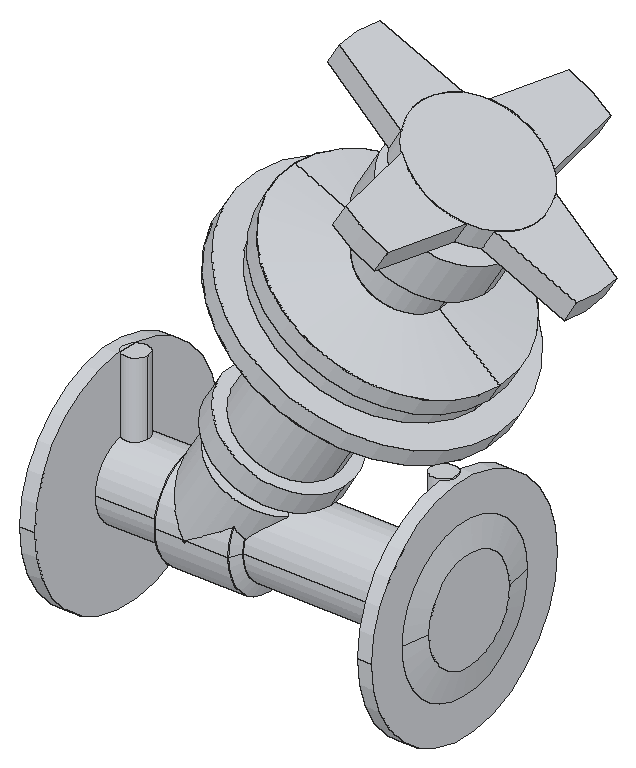
Revit family "224_DN065_20-70_RFA_2018", category Pipe Accessories, Revit 2018
Family settings
  Round Connector Dimension = Use Diameter
  Part Type = Valve - Breaks Into
  Work Plane-Based = No
  Always vertical = Yes
  Cut with Voids When Loaded = No
  Shared = No
Parameters (values of type "224_DN065_(20-70)")
  magiProductId = "bd269db4002540fe9b2a41f205afd7"
  magiProductFamilyId = "cb96b53648234cefb8c956722b95ac"
  magiPartTypeId = 304
  isMeasuringValve [instance] = no
  ang2D [instance] = 0.00°
  Z8 = 22.974 mm
  Z7 = 7.658 mm
  Z6 = 95.726 mm
  Z4 = 38.29 mm
  Z3 = 15.316 mm
  Z2 = 19.145 mm
  Z1 = 57.436 mm
  Y9 = 112.022 mm
  Y8 = 43.927 mm
  X9 = 19.752 mm
  X8 = 30.758 mm
  X5 = 139.89 mm
  X4 = 59.15 mm
  X1 = 11.6 mm
  W2D = 100 mm
  VersionID = "2.0/2018.4.11.4/ZETKAMA_224_001"
  Use Minimum Symbol Size [instance] = yes
  URL = "www.hydronic.cz"
  Type Comments = "přírubový ventil, PN16; -10~+120°C; dpmin=1,5xdpnast;"
  R8 = 53.625 mm
  R7 = 35.75 mm
  R6 = 96.688 mm
  R5 = 92.5 mm
  R4 = 113.75 mm
  R3 = 33.8 mm
  R2 = 63 mm
  R12 = 42.75 mm
  R10 = 40.5 mm
  QmdConnectorList = "301;D;302;D"
  Productdata [instance] = ""
  Manufacturer = "Hydronic Systems Prague s.r.o."
  Maintenance Zone Under Depth [instance] = 385 mm
  Maintenance Zone Right Depth [instance] = 290 mm
  Maintenance Zone Over Depth [instance] = 385 mm
  Maintenance Zone Left Depth [instance] = 290 mm
  Maintenance Zone Front Depth [instance] = 273 mm
  Maintenance Zone Back Depth [instance] = 273 mm
  Maintenance Zone Front Visibility [instance] = no
  MC Product Code = "224 065 3 (DN65; dpnast 20-70kPa; dpmax=300kPa; kvs=48,4kPa)"
  MC Piping Given Pressure Drop [instance] = 0.0 Pa
  LT2 = 145 mm
  L3 = 51.76 mm
  L2D_Min = 3048 mm
  L2D = 350 mm
  H5 = 60 mm
  FDT2 = 92.5 mm
  Description = "Regulátor diferenčního tlaku přírubový"
  DT21 = 32.5 mm
  DT2 = 32.5 mm
  D6 = 52.812 mm
  D5 = 42.25 mm
  D = 65 mm
  Clearance Zone Height Depth [instance] = 385 mm
  Clearance Zone Circular Radius [instance] = 290 mm
  Clearance Zone Visibility [instance] = no
  CAT0 = yes
  ARC2 = 1.728 mm
  ARC1 = 9.698 mm
  ANG = 32.00°
  A2 = 26.893 mm
  A1 = 43.038 mm
Types (10, lengths in mm): name | magiProductId | Z8 | Z7 | Z6 | Z4 | Z3 | Z2 | Z1 | X5 | X4 | X1 | R5 | R3 | R2 | R10 | Maintenance Zone Under Depth | Maintenance Zone Right Depth | Maintenance Zone Over Depth | Maintenance Zone Left Depth | MC Product Code | LT2 | L3 | H5 | FDT2 | DT21 | DT2 | D6 | D5 | D | Clearance Zone Height Depth | Clearance Zone Circular Radius | A2 | A1
  224_DN100_(40-160) | "71f9e553003c40d991c5e352e67284" | 24.389 | 8.13 | 101.622 | 40.649 | 16.26 | 20.324 | 60.973 | 152.2 | 91 | 14 | 110 | 52 | 80.5 | 58 | 405 | 350 | 405 | 350 | "224 100 7 (DN100; dpnast 40-160kPa; dpmax=250kPa; kvs=110,0kPa)" | 175 | 62.8 | 60 | 110 | 50 | 50 | 81.25 | 65 | 100 | 405 | 350 | 32.458 | 51.943
  224_DN100_(20-70) | "5e4de33176c64976a9c157b39996ce" | 24.389 | 8.13 | 101.622 | 40.649 | 16.26 | 20.324 | 60.973 | 152.2 | 91 | 14 | 110 | 52 | 80.5 | 58 | 405 | 350 | 405 | 350 | "224 100 3 (DN100; dpnast 20-70kPa; dpmax=250kPa; kvs=110,0kPa)" | 175 | 62.8 | 60 | 110 | 50 | 50 | 81.25 | 65 | 100 | 405 | 350 | 32.458 | 51.943
  224_DN125_(40-160) | "9beb69b667494b6ab1f54942078ae6" | 25.804 | 8.601 | 107.518 | 43.007 | 17.203 | 21.504 | 64.511 | 166.25 | 113.75 | 16 | 125 | 65 | 95.5 | 71 | 425 | 400 | 425 | 400 | "224 125 7 (DN125; dpnast 40-160kPa; dpmax=250kPa; kvs=169,0kPa)" | 200 | 72 | 62.5 | 125 | 62.5 | 62.5 | 101.562 | 81.25 | 125 | 425 | 400 | 37.094 | 59.363
  224_DN125_(20-70) | "2c85edc695ca465cb63b6911085491" | 25.804 | 8.601 | 107.518 | 43.007 | 17.203 | 21.504 | 64.511 | 166.25 | 113.75 | 16 | 125 | 65 | 95.5 | 71 | 425 | 400 | 425 | 400 | "224 125 3 (DN125; dpnast 20-70kPa; dpmax=250kPa; kvs=169,0kPa)" | 200 | 72 | 62.5 | 125 | 62.5 | 62.5 | 101.562 | 81.25 | 125 | 425 | 400 | 37.094 | 59.363
  224_DN150_(40-160) | "96017eba5eec4de2abe05c4d8dc7d1" | 26.866 | 8.955 | 89.552 | 44.776 | 17.91 | 22.388 | 89.552 | 223.38 | 115.5 | 19.2 | 142.5 | 70.2 | 108.5 | 84 | 440 | 480 | 440 | 480 | "224 150 7 (DN150; dpnast 40-160kPa; dpmax=250kPa; kvs=200,0kPa)" | 240 | 86.72 | 67.5 | 142.5 | 67.5 | 75 | 90.75 | 82.5 | 150 | 440 | 480 | 44.513 | 71.236
  224_DN150_(20-70) | "2dcf3707ec5549d494f72875a03dce" | 26.866 | 8.955 | 89.552 | 44.776 | 17.91 | 22.388 | 89.552 | 223.38 | 115.5 | 19.2 | 142.5 | 70.2 | 108.5 | 84 | 440 | 480 | 440 | 480 | "224 150 3 (DN150; dpnast 20-70kPa; dpmax=250kPa; kvs=200,0kPa)" | 240 | 86.72 | 67.5 | 142.5 | 67.5 | 75 | 90.75 | 82.5 | 150 | 440 | 480 | 44.513 | 71.236
  224_DN065_(40-160) | "7a3227ed888c4b0d8669ae9eb0085d" | 22.974 | 7.658 | 95.726 | 38.29 | 15.316 | 19.145 | 57.436 | 139.89 | 59.15 | 11.6 | 92.5 | 33.8 | 63 | 40.5 | 385 | 290 | 385 | 290 | "224 065 7 (DN65; dpnast 40-160kPa; dpmax=300kPa; kvs=48,4kPa)" | 145 | 51.76 | 60 | 92.5 | 32.5 | 32.5 | 52.812 | 42.25 | 65 | 385 | 290 | 26.893 | 43.038
  224_DN065_(20-70) | "bd269db4002540fe9b2a41f205afd7" | 22.974 | 7.658 | 95.726 | 38.29 | 15.316 | 19.145 | 57.436 | 139.89 | 59.15 | 11.6 | 92.5 | 33.8 | 63 | 40.5 | 385 | 290 | 385 | 290 | "224 065 3 (DN65; dpnast 20-70kPa; dpmax=300kPa; kvs=48,4kPa)" | 145 | 51.76 | 60 | 92.5 | 32.5 | 32.5 | 52.812 | 42.25 | 65 | 385 | 290 | 26.893 | 43.038
  224_DN080_(40-160) | "20b45c03d3cb49e9a44f946d5e2c2d" | 23.328 | 7.776 | 97.2 | 38.88 | 15.552 | 19.44 | 58.32 | 140.96 | 72.8 | 12.4 | 100 | 41.6 | 70.5 | 48 | 390 | 310 | 390 | 310 | "224 080 7 (DN80; dpnast 40-160kPa; dpmax=300kPa; kvs=74,5kPa)" | 155 | 55.44 | 60 | 100 | 40 | 40 | 65 | 52 | 80 | 390 | 310 | 28.748 | 46.007
  224_DN080_(20-70) | "2f63645f7c5342ecbadd0051fa47f2" | 23.328 | 7.776 | 97.2 | 38.88 | 15.552 | 19.44 | 58.32 | 140.96 | 72.8 | 12.4 | 100 | 41.6 | 70.5 | 48 | 390 | 310 | 390 | 310 | "224 080 3 (DN80; dpnast 20-70kPa; dpmax=300kPa; kvs=74,5kPa)" | 155 | 55.44 | 60 | 100 | 40 | 40 | 65 | 52 | 80 | 390 | 310 | 28.748 | 46.007
Reference planes
  plane 1 "Center (Front/Back)": y = 0
  plane 2 "XYPLANE": z = 0
  plane 3 "Center (Left/Right)": x = 0
  plane 4 "274": z = -385
  plane 5 "273": z = 385
  plane 6 "272": x = -290
  plane 7 "271": x = 290
  plane 8 "270": y = 273
  plane 9 "269": y = -273
  plane 10 "202": x = 124.4
  plane 11 "201": z = 32.5
  plane 12 "199": x = -122.4
  plane 13 "196": x = -10.49
  plane 14 "195": x = -14.49
  plane 15 "186": x = -73.64
  plane 16 "185": x = -77.64
  plane 17 "157": through (-528.542, 0, 569.466) normal (0.5299, 0, 0.848)
  plane 18 "123": y = -19.752
  plane 19 "122": y = -30.758
  plane 20 "120": y = 19.752
  plane 21 "119": y = 30.758
  plane 22 "118": through (265.941, 0, 718.206) normal (0.848, 0, -0.5299)
  plane 23 "117": through (398.193, 0, 635.565) normal (0.848, 0, -0.5299)
  plane 24 "116": through (455.941, 0, 599.48) normal (0.848, 0, -0.5299)
  plane 25 "115": through (323.689, 0, 682.121) normal (0.848, 0, -0.5299)
  plane 26 "113": y = -43.927
  plane 27 "112": y = -112.022
  plane 28 "110": through (387.025, 0, 642.544) normal (0.848, 0, -0.5299)
  plane 29 "108": through (344.19, 0, 669.31) normal (0.848, 0, -0.5299)
  plane 30 "107": through (334.856, 0, 675.142) normal (0.848, 0, -0.5299)
  plane 31 "106": through (377.692, 0, 648.376) normal (0.848, 0, -0.5299)
  plane 32 "105": y = 112.022
  plane 33 "104": y = 43.927
  plane 34 "99": through (-457.524, 0, 683.118) normal (0.5299, 0, 0.848)
  plane 35 "96": through (-467.67, 0, 666.882) normal (0.5299, 0, 0.848)
  plane 36 "91": through (-487.961, 0, 634.41) normal (0.5299, 0, 0.848)
  plane 37 "87": through (-508.251, 0, 601.938) normal (0.5299, 0, 0.848)
  plane 38 "84": through (-512.31, 0, 595.443) normal (0.5299, 0, 0.848)
  plane 39 "82": through (-520.426, 0, 582.454) normal (0.5299, 0, 0.848)
  plane 40 "75": through (-536.659, 0, 556.477) normal (0.5299, 0, 0.848)
  plane 41 "74": through (-548.833, 0, 536.993) normal (0.5299, 0, 0.848)
  plane 42 "41": through (-599.56, 0, 455.813) normal (0.5299, 0, 0.848)
  plane 43 "37": through (-609.706, 0, 439.577) normal (0.5299, 0, 0.848)
  plane 44 "34": through (-619.851, 0, 423.341) normal (0.5299, 0, 0.848)
  plane 45 "30": through (-650.287, 0, 374.633) normal (0.5299, 0, 0.848)
  plane 46 "28": y = 0
  plane 47 "27": through (360.941, 0, 658.843) normal (0.848, 0, -0.5299)
  plane 48 "24": x = 141
  plane 49 "23": x = 129.4
  plane 50 "15": x = -129.4
  plane 51 "11": x = -141
  plane 52 "6": x = 145
  plane 53 "5": x = -145
  plane 54 "3": z = 0
  plane 55 "2": y = 0
  plane 56 "1": x = 0
  plane 57 "25XY": through (-636.036, 0, 397.439) normal (0.5299, 0, 0.848)
  plane 58 "25XZ": y = 0
  plane 59 "25YZ": through (397.439, 0, 636.036) normal (0.848, 0, -0.5299)
Forms (mm)
  Blend 1, solid, visible <- "CAT0"
    base sketch origin (-548.833, 0, 536.993) x (0.848048, 0, -0.529919) y (0, 1, 0)
      loop
        circle (706.962, 0) r 42.75
    top sketch origin (-548.833, 0, 536.993) x (0.848048, 0, -0.529919) y (0, 1, 0)
      loop
        circle (706.962, 0) r 113.75
    from 0 to 22.974
  Blend 2, solid, visible <- "Maintenance Zone Front Visibility"
    base sketch origin (-750, 0, 385) x (1, 0, 0) y (0, 1, 0)
      loop
        line (460, 273) -> (460, -273) -> (1040, -273) -> (1040, 273) -> (460, 273)
    top sketch origin (-750, 0, 385) x (1, 0, 0) y (0, 1, 0)
      loop
        line (460, 273) -> (460, -273) -> (1040, -273) -> (1040, 273) -> (460, 273)
    from 0 to -770
  Extrusion 3, solid, visible <- "Clearance Zone Visibility"
    sketch origin (-750, 0, 0) x (1, 0, 0) y (0, 1, 0)
      loop
        circle (750, 0) r 290
    from 0 to 385 <- "Clearance Zone Height Depth"
  Extrusion 4, solid, visible <- "CAT0"
    sketch origin (-599.56, 0, 455.813) x (0.848048, 0, -0.529919) y (0, 1, 0)
      loop
        circle (706.962, 0) r 42.75
    from 0 to 95.726 <- "Z6"
  Extrusion 5, solid
    sketch origin (-750, 0, 32.5) x (1, 0, 0) y (0, 1, 0)
      loop
        circle (874.4, 0) r 10
    from 0 to 60 <- "H5"
  Extrusion 6, solid
    sketch origin (-750, 0, 32.5) x (1, 0, 0) y (0, 1, 0)
      loop
        circle (627.6, 0) r 10
    from 0 to 60 <- "H5"
  Extrusion 7, solid
    sketch origin (-10.49, -750, 0) x (0, 1, 0) y (0, 0, 1)
      loop
        circle (750, 0) r 32.5
    from 0 to 139.89 <- "X5"
  Blend 8, solid
    base sketch origin (-10.49, -750, 0) x (0, 1, 0) y (0, 0, 1)
      loop
        circle (750, 0) r 32.5
    top sketch origin (-10.49, -750, 0) x (0, 1, 0) y (0, 0, 1)
      loop
        circle (750, 0) r 42.25
    from 0 to -4
  Extrusion 9, solid
    sketch origin (-73.64, -750, 0) x (0, 1, 0) y (0, 0, 1)
      loop
        circle (750, 0) r 42.25
    from 0 to 59.15 <- "X4"
  Blend 10, solid
    base sketch origin (-77.64, -750, 0) x (0, 1, 0) y (0, 0, 1)
      loop
        circle (750, 0) r 32.5
    top sketch origin (-77.64, -750, 0) x (0, 1, 0) y (0, 0, 1)
      loop
        circle (750, 0) r 42.25
    from 0 to 4
  Extrusion 11, solid
    sketch origin (-650.287, 0, 374.633) x (0.848048, 0, -0.529919) y (0, 1, 0)
      loop
        circle (706.962, 0) r 42.25
    from 0 to 57.436 <- "Z1"
  Extrusion 12, solid
    sketch origin (-536.659, 0, 556.477) x (0.848048, 0, -0.529919) y (0, 1, 0)
      loop
        circle (706.962, 0) r 113.75
    from 0 to 15.316 <- "Z3"
  Extrusion 13, solid
    sketch origin (-457.524, 0, 683.118) x (0.848048, 0, -0.529919) y (0, 1, 0)
      loop
        line (750.889, -30.758) -> (818.983, -19.752)
        arc (818.983, -19.752) -> (820.712, 0) -> (818.983, 19.752) r 113.75
        line (818.983, 19.752) -> (750.889, 30.758)
        arc (750.889, 30.758) -> (760.587, 0) -> (750.889, -30.758) r 53.625
    from 0 to 19.145 <- "Z2"
  Extrusion 14, solid
    sketch origin (-457.524, 0, 683.118) x (0.848048, 0, -0.529919) y (0, 1, 0)
      loop
        line (663.035, 30.758) -> (594.94, 19.752)
        arc (594.94, 19.752) -> (593.212, 0) -> (594.94, -19.752) r 113.75
        line (594.94, -19.752) -> (663.035, -30.758)
        arc (663.035, -30.758) -> (653.337, 0) -> (663.035, 30.758) r 53.625
    from 0 to 19.145 <- "Z2"
  Extrusion 15, solid
    sketch origin (-457.524, 0, 683.118) x (0.848048, 0, -0.529919) y (0, 1, 0)
      loop
        line (676.204, -43.927) -> (687.209, -112.022)
        arc (687.209, -112.022) -> (706.962, -113.75) -> (726.714, -112.022) r 113.75
        line (726.714, -112.022) -> (737.72, -43.927)
        arc (737.72, -43.927) -> (706.962, -53.625) -> (676.204, -43.927) r 53.625
    from 0 to 19.145 <- "Z2"
  Extrusion 16, solid
    sketch origin (-457.524, 0, 683.118) x (0.848048, 0, -0.529919) y (0, 1, 0)
      loop
        line (737.72, 43.927) -> (726.714, 112.022)
        arc (726.714, 112.022) -> (706.962, 113.75) -> (687.209, 112.022) r 113.75
        line (687.209, 112.022) -> (676.204, 43.927)
        arc (676.204, 43.927) -> (706.962, 53.625) -> (737.72, 43.927) r 53.625
    from 0 to 19.145 <- "Z2"
  Extrusion 17, solid
    sketch origin (-457.524, 0, 683.118) x (0.848048, 0, -0.529919) y (0, 1, 0)
      loop
        circle (706.962, 0) r 53.625
    from 0 to 19.145 <- "Z2"
  Extrusion 18, solid
    sketch origin (-467.67, 0, 666.882) x (0.848048, 0, -0.529919) y (0, 1, 0)
      loop
        circle (706.962, 0) r 35.75
    from 0 to 19.145 <- "Z2"
  Extrusion 19, solid
    sketch origin (-487.961, 0, 634.41) x (0.848048, 0, -0.529919) y (0, 1, 0)
      loop
        circle (706.962, 0) r 53.625
    from 0 to 38.29 <- "Z4"
  Extrusion 20, solid
    sketch origin (-508.251, 0, 601.938) x (0.848048, 0, -0.529919) y (0, 1, 0)
      loop
        circle (706.962, 0) r 35.75
    from 0 to 38.29 <- "Z4"
  Blend 21, solid
    base sketch origin (-512.31, 0, 595.443) x (0.848048, 0, -0.529919) y (0, 1, 0)
      loop
        circle (706.962, 0) r 96.688
    top sketch origin (-512.31, 0, 595.443) x (0.848048, 0, -0.529919) y (0, 1, 0)
      loop
        circle (706.962, 0) r 35.75
    from 0 to 7.658
  Extrusion 22, solid
    sketch origin (-520.426, 0, 582.454) x (0.848048, 0, -0.529919) y (0, 1, 0)
      loop
        circle (706.962, 0) r 96.688
    from 0 to 15.316 <- "Z3"
  Extrusion 23, solid
    sketch origin (-528.542, 0, 569.466) x (0.848048, 0, -0.529919) y (0, 1, 0)
      loop
        circle (706.962, 0) r 92.5
    from 0 to 15.316 <- "Z3"
  Extrusion 24, solid
    sketch origin (-609.706, 0, 439.577) x (0.848048, 0, -0.529919) y (0, 1, 0)
      loop
        circle (706.962, 0) r 52.812
    from 0 to 19.145 <- "Z2"
  Extrusion 25, solid
    sketch origin (-619.851, 0, 423.341) x (0.848048, 0, -0.529919) y (0, 1, 0)
      loop
        circle (706.962, 0) r 33.8
    from 0 to 19.145 <- "Z2"
  Blend 26, solid
    base sketch origin (141, -750, 0) x (0, 1, 0) y (0, 0, 1)
      loop
        circle (750, 0) r 63
    top sketch origin (141, -750, 0) x (0, 1, 0) y (0, 0, 1)
      loop
        circle (750, 0) r 40.5
    from 0 to 4
  Extrusion 27, solid
    sketch origin (129.4, -750, 0) x (0, 1, 0) y (0, 0, 1)
      loop
        circle (750, 0) r 92.5
    from 0 to 11.6 <- "X1"
  Extrusion 28, solid
    sketch origin (-129.4, -750, 0) x (0, 1, 0) y (0, 0, 1)
      loop
        circle (750, 0) r 32.5
    from 0 to 51.76 <- "L3"
  Extrusion 29, solid
    sketch origin (-141, -750, 0) x (0, 1, 0) y (0, 0, 1)
      loop
        circle (750, 0) r 92.5
    from 0 to 11.6 <- "X1"
  Blend 30, solid
    base sketch origin (-145, -750, 0) x (0, 1, 0) y (0, 0, 1)
      loop
        circle (750, 0) r 40.5
    top sketch origin (-145, -750, 0) x (0, 1, 0) y (0, 0, 1)
      loop
        circle (750, 0) r 63
    from 0 to 4
  Extrusion 31, solid, not visible
    sketch origin (145, -750, 0) x (0, 1, 0) y (0, 0, 1)
      loop
        circle (750, 0) r 10
    from 0 to -10
  Extrusion 32, solid, not visible
    sketch origin (-145, -750, 0) x (0, 1, 0) y (0, 0, 1)
      loop
        circle (750, 0) r 10
    from 0 to 10
Lines and regions (mm)
  reference lines, not visible
    curve 1: circle (-13.29, 2, 0) r 1 normal (0, 0, 1)
  reference lines
    curve 2: line (179.265, -30.758, 285.208) -> (179.265, 30.758, 285.208)
    curve 3: line (237.013, 19.752, 249.123) -> (237.013, -19.752, 249.123)
    curve 4: line (104.761, 30.758, 331.763) -> (104.761, -30.758, 331.763)
    curve 5: line (47.013, -19.752, 367.848) -> (47.013, 19.752, 367.848)
    curve 6: line (115.929, -43.927, 324.785) -> (168.097, -43.927, 292.186)
    curve 7: line (158.764, -112.022, 298.018) -> (125.262, -112.022, 318.953)
    curve 8: line (168.097, 43.927, 292.186) -> (115.929, 43.927, 324.785)
    curve 9: line (125.262, 112.022, 318.953) -> (158.764, 112.022, 298.018)
Dimensions and locks
  plane 1 "Center (Front/Back)" to curve 1 = 2 mm
  "Maintenance Zone Under Depth": plane 2 "XYPLANE" to plane 4 "274"
  "Maintenance Zone Over Depth": plane 2 "XYPLANE" to plane 5 "273"
  "Maintenance Zone Left Depth": plane 3 "Center (Left/Right)" to plane 6 "272"
  "Maintenance Zone Right Depth": plane 3 "Center (Left/Right)" to plane 7 "271"
  "Maintenance Zone Back Depth": plane 1 "Center (Front/Back)" to plane 8 "270"
  "Maintenance Zone Front Depth": plane 1 "Center (Front/Back)" to plane 9 "269"
  locked: plane 49 "23" to plane 10 "202" at 5
  "DT2": plane 2 "XYPLANE" to plane 11 "201"
  locked: plane 50 "15" to plane 12 "199" at 7
  locked: plane 14 "195" to plane 13 "196" at 4
  "X4": plane 15 "186" to plane 14 "195"
  locked: plane 16 "185" to plane 15 "186" at 4
  "L3": plane 50 "15" to plane 16 "185"
  "Z3": plane 40 "75" to plane 17 "157"
  "X9": plane 55 "2" to plane 18 "123"
  "X8": plane 55 "2" to plane 19 "122"
  "X9": plane 55 "2" to plane 20 "120"
  "X8": plane 55 "2" to plane 21 "119"
  "Y9": plane 47 "27" to plane 22 "118"
  "Y8": plane 47 "27" to plane 23 "117"
  "Y9": plane 47 "27" to plane 24 "116"
  "Y8": plane 47 "27" to plane 25 "115"
  "Y8": plane 55 "2" to plane 26 "113"
  "Y9": plane 55 "2" to plane 27 "112"
  "X8": plane 47 "27" to plane 28 "110"
  "X9": plane 47 "27" to plane 29 "108"
  "X8": plane 47 "27" to plane 30 "107"
  "X9": plane 47 "27" to plane 31 "106"
  "Y9": plane 55 "2" to plane 32 "105"
  "Y8": plane 55 "2" to plane 33 "104"
  "Z2": plane 35 "96" to plane 34 "99"
  "Z4": plane 36 "91" to plane 35 "96"
  "Z4": plane 37 "87" to plane 36 "91"
  "Z7": plane 38 "84" to plane 37 "87"
  "Z3": plane 39 "82" to plane 38 "84"
  "Z3": plane 17 "157" to plane 39 "82"
  "Z8": plane 41 "74" to plane 40 "75"
  "Z6": plane 42 "41" to plane 41 "74"
  "Z2": plane 43 "37" to plane 42 "41"
  "Z2": plane 44 "34" to plane 43 "37"
  "Z1": plane 45 "30" to plane 44 "34"
  "A2": plane 57 "25XY" to plane 45 "30"
  locked: plane 55 "2" to plane 46 "28"
  "A1": plane 59 "25YZ" to plane 47 "27"
  "X1": plane 49 "23" to plane 48 "24"
  "X5": plane 13 "196" to plane 49 "23"
  "X1": plane 51 "11" to plane 50 "15"
  locked: plane 53 "5" to plane 51 "11" at 4
  "LT2": plane 3 "Center (Left/Right)" to plane 52 "6"
  "LT2": plane 3 "Center (Left/Right)" to plane 53 "5"
  locked: plane 2 "XYPLANE" to plane 54 "3"
  locked: plane 1 "Center (Front/Back)" to plane 55 "2"
  locked: plane 3 "Center (Left/Right)" to plane 56 "1"
  Blend 2 sketch curve to Blend 2 sketch curve = 0 mm  (x16)
  "ARC1": curve 2 to Extrusion 13 sketch curve
  "ARC2": curve 3 to Extrusion 13 sketch curve
  Extrusion 13 sketch curve to Extrusion 13 sketch curve = 0 mm  (x8)
  "ARC1": curve 4 to Extrusion 14 sketch curve
  "ARC2": curve 5 to Extrusion 14 sketch curve
  Extrusion 14 sketch curve to Extrusion 14 sketch curve = 0 mm  (x8)
  "ARC1": curve 6 to Extrusion 15 sketch curve
  "ARC2": curve 7 to Extrusion 15 sketch curve
  Extrusion 15 sketch curve to Extrusion 15 sketch curve = 0 mm  (x8)
  "ARC1": curve 8 to Extrusion 16 sketch curve
  "ARC2": curve 9 to Extrusion 16 sketch curve
  Extrusion 16 sketch curve to Extrusion 16 sketch curve = 0 mm  (x8)
  "R4": radius of Blend 1 sketch curve
  "R12": radius of Blend 1 sketch curve
  "Clearance Zone Circular Radius": radius of Extrusion 3 sketch curve
  "R12": radius of Extrusion 4 sketch curve
  "DT21": radius of Extrusion 7 sketch curve
  "D5": radius of Blend 8 sketch curve
  "DT21": radius of Blend 8 sketch curve
  "D5": radius of Extrusion 9 sketch curve
  "D5": radius of Blend 10 sketch curve
  "DT21": radius of Blend 10 sketch curve
  "D5": radius of Extrusion 11 sketch curve
  "R4": radius of Extrusion 12 sketch curve
  "R8": radius of Extrusion 17 sketch curve
  "R7": radius of Extrusion 18 sketch curve
  "R8": radius of Extrusion 19 sketch curve
  "R7": radius of Extrusion 20 sketch curve
  "R7": radius of Blend 21 sketch curve
  "R6": radius of Blend 21 sketch curve
  "R6": radius of Extrusion 22 sketch curve
  "R5": radius of Extrusion 23 sketch curve
  "D6": radius of Extrusion 24 sketch curve
  "R3": radius of Extrusion 25 sketch curve
  "R10": radius of Blend 26 sketch curve
  "R2": radius of Blend 26 sketch curve
  "FDT2": radius of Extrusion 27 sketch curve
  "DT21": radius of Extrusion 28 sketch curve
  "FDT2": radius of Extrusion 29 sketch curve
  "R2": radius of Blend 30 sketch curve
  "R10": radius of Blend 30 sketch curve
  aligned and locked: level to plane 2 "XYPLANE"
  aligned and locked: plane 46 "28" to Blend 1 sketch curve  (x2)
  aligned and locked: Blend 1 sketch curve to plane 47 "27"  (x2)
  aligned and locked: plane 40 "75" to Blend 1
  aligned and locked: Blend 2 sketch curve to plane 6 "272"  (x2)
  aligned and locked: plane 8 "270" to Blend 2 sketch curve  (x4)
  aligned and locked: plane 9 "269" to Blend 2 sketch curve  (x4)
  aligned and locked: plane 6 "272" to Blend 2 sketch curve  (x2)
  aligned and locked: plane 7 "271" to Blend 2 sketch curve  (x4)
  aligned and locked: Blend 2 to plane 4 "274"
  aligned and locked: plane 55 "2" to Extrusion 3 sketch curve
  aligned and locked: plane 56 "1" to Extrusion 3 sketch curve
  aligned and locked: plane 46 "28" to Extrusion 4 sketch curve
  aligned and locked: Extrusion 4 sketch curve to plane 47 "27"
  aligned and locked: plane 10 "202" to Extrusion 5 sketch curve
  aligned and locked: plane 55 "2" to Extrusion 5 sketch curve
  aligned and locked: plane 12 "199" to Extrusion 6 sketch curve
  aligned and locked: plane 55 "2" to Extrusion 6 sketch curve
  aligned and locked: plane 54 "3" to Extrusion 7 sketch curve
  aligned and locked: Extrusion 7 sketch curve to plane 55 "2"
  aligned and locked: plane 54 "3" to Blend 8 sketch curve  (x2)
  aligned and locked: Blend 8 sketch curve to plane 55 "2"  (x2)
  aligned and locked: Blend 8 to plane 14 "195"
  aligned and locked: plane 54 "3" to Extrusion 9 sketch curve
  aligned and locked: Extrusion 9 sketch curve to plane 55 "2"
  aligned and locked: plane 54 "3" to Blend 10 sketch curve  (x2)
  aligned and locked: Blend 10 sketch curve to plane 55 "2"  (x2)
  aligned and locked: plane 15 "186" to Blend 10
  aligned and locked: plane 46 "28" to Extrusion 11 sketch curve
  aligned and locked: Extrusion 11 sketch curve to plane 47 "27"
  aligned and locked: plane 46 "28" to Extrusion 12 sketch curve
  aligned and locked: Extrusion 12 sketch curve to plane 47 "27"
  aligned and locked: curve 2 to plane 23 "117"
  aligned and locked: plane 19 "122" to curve 2
  aligned and locked: plane 21 "119" to curve 2
  aligned and locked: plane 21 "119" to Extrusion 13 sketch curve
  aligned and locked: plane 23 "117" to Extrusion 13 sketch curve
  aligned and locked: plane 20 "120" to Extrusion 13 sketch curve
  aligned and locked: plane 24 "116" to Extrusion 13 sketch curve
  aligned and locked: curve 3 to plane 24 "116"
  aligned and locked: plane 20 "120" to curve 3
  aligned and locked: plane 18 "123" to curve 3
  aligned and locked: plane 18 "123" to Extrusion 13 sketch curve
  aligned and locked: Extrusion 13 sketch curve to plane 24 "116"
  aligned and locked: plane 19 "122" to Extrusion 13 sketch curve
  aligned and locked: Extrusion 13 sketch curve to plane 23 "117"
  aligned and locked: curve 4 to plane 25 "115"
  aligned and locked: plane 21 "119" to curve 4
  aligned and locked: plane 19 "122" to curve 4
  aligned and locked: plane 19 "122" to Extrusion 14 sketch curve
  aligned and locked: Extrusion 14 sketch curve to plane 25 "115"
  aligned and locked: plane 18 "123" to Extrusion 14 sketch curve
  aligned and locked: Extrusion 14 sketch curve to plane 22 "118"
  aligned and locked: curve 5 to plane 22 "118"
  aligned and locked: plane 18 "123" to curve 5
  aligned and locked: plane 20 "120" to curve 5
  aligned and locked: plane 20 "120" to Extrusion 14 sketch curve
  aligned and locked: plane 22 "118" to Extrusion 14 sketch curve
  aligned and locked: plane 21 "119" to Extrusion 14 sketch curve
  aligned and locked: plane 25 "115" to Extrusion 14 sketch curve
  aligned and locked: curve 6 to plane 26 "113"
  aligned and locked: curve 6 to plane 30 "107"
  aligned and locked: curve 6 to plane 28 "110"
  aligned and locked: plane 26 "113" to Extrusion 15 sketch curve  (x2)
  aligned and locked: Extrusion 15 sketch curve to plane 28 "110"
  aligned and locked: plane 27 "112" to Extrusion 15 sketch curve  (x2)
  aligned and locked: Extrusion 15 sketch curve to plane 31 "106"
  aligned and locked: plane 27 "112" to curve 7
  aligned and locked: curve 7 to plane 31 "106"
  aligned and locked: curve 7 to plane 29 "108"
  aligned and locked: Extrusion 15 sketch curve to plane 29 "108"
  aligned and locked: Extrusion 15 sketch curve to plane 30 "107"
  aligned and locked: plane 33 "104" to curve 8
  aligned and locked: plane 28 "110" to curve 8
  aligned and locked: plane 30 "107" to curve 8
  aligned and locked: plane 30 "107" to Extrusion 16 sketch curve
  aligned and locked: plane 33 "104" to Extrusion 16 sketch curve  (x2)
  aligned and locked: plane 29 "108" to Extrusion 16 sketch curve
  aligned and locked: plane 32 "105" to Extrusion 16 sketch curve  (x2)
  aligned and locked: curve 9 to plane 32 "105"
  aligned and locked: plane 29 "108" to curve 9
  aligned and locked: plane 31 "106" to curve 9
  aligned and locked: plane 31 "106" to Extrusion 16 sketch curve
  aligned and locked: plane 28 "110" to Extrusion 16 sketch curve
  aligned and locked: plane 46 "28" to Extrusion 17 sketch curve
  aligned and locked: Extrusion 17 sketch curve to plane 47 "27"
  aligned and locked: plane 46 "28" to Extrusion 18 sketch curve
  aligned and locked: Extrusion 18 sketch curve to plane 47 "27"
  aligned and locked: plane 46 "28" to Extrusion 19 sketch curve
  aligned and locked: Extrusion 19 sketch curve to plane 47 "27"
  aligned and locked: plane 46 "28" to Extrusion 20 sketch curve
  aligned and locked: Extrusion 20 sketch curve to plane 47 "27"
  aligned and locked: plane 46 "28" to Blend 21 sketch curve  (x2)
  aligned and locked: Blend 21 sketch curve to plane 47 "27"  (x2)
  aligned and locked: plane 37 "87" to Blend 21
  aligned and locked: plane 46 "28" to Extrusion 22 sketch curve
  aligned and locked: Extrusion 22 sketch curve to plane 47 "27"
  aligned and locked: plane 46 "28" to Extrusion 23 sketch curve
  aligned and locked: Extrusion 23 sketch curve to plane 47 "27"
  aligned and locked: plane 46 "28" to Extrusion 24 sketch curve
  aligned and locked: Extrusion 24 sketch curve to plane 47 "27"
  aligned and locked: plane 46 "28" to Extrusion 25 sketch curve
  aligned and locked: Extrusion 25 sketch curve to plane 47 "27"
  aligned and locked: plane 54 "3" to Blend 26 sketch curve  (x2)
  aligned and locked: Blend 26 sketch curve to plane 55 "2"  (x2)
  aligned and locked: plane 52 "6" to Blend 26
  aligned and locked: plane 54 "3" to Extrusion 27 sketch curve
  aligned and locked: Extrusion 27 sketch curve to plane 55 "2"
  aligned and locked: plane 54 "3" to Extrusion 28 sketch curve
  aligned and locked: Extrusion 28 sketch curve to plane 55 "2"
  aligned and locked: plane 54 "3" to Extrusion 29 sketch curve
  aligned and locked: Extrusion 29 sketch curve to plane 55 "2"
  aligned and locked: plane 54 "3" to Blend 30 sketch curve  (x2)
  aligned and locked: Blend 30 sketch curve to plane 55 "2"  (x2)
  aligned and locked: plane 51 "11" to Blend 30
  aligned and locked: plane 54 "3" to Extrusion 31 sketch curve
  aligned and locked: Extrusion 31 sketch curve to plane 55 "2"
  aligned and locked: plane 54 "3" to Extrusion 32 sketch curve
  aligned and locked: Extrusion 32 sketch curve to plane 55 "2"
Automatic sketch dimensions
  Extrusion 5 sketch curve to Extrusion 5 sketch curve = 10 mm
  Extrusion 6 sketch curve to plane 50 "15" = 3 mm
  plane 18 "123" to Extrusion 31 sketch curve = 9.752 mm
  plane 18 "123" to Extrusion 32 sketch curve = 9.752 mm
  plane 14 "195" to curve 1 = 1.2 mm
  radius of curve 1 = 1 mm
Connectors
  piping at (-145, 0, 0), diameter 65, driven by "D"
    settings: on Extrusion 32, index 1, connector inside diameter 609.6 mm, connector length 0 mm, flow factor 0, pipe flow 0.0 L/s, pressure drop 0.0 Pa, fitting loss kfactor 0, connector angle 0.00°, fixture units 0, engagement length 0 mm, angle of deflection 0.00°, flow configuration 0, flow direction 0, fitting loss method 0, system type 29, joint type 0, gender type 0, connector reference index 2, connector utility 0, adjustable connector no, is connector primary yes, connector description ""
  piping at (145, 0, 0), diameter 65, driven by "D"
    settings: on Extrusion 31, index 2, connector inside diameter 609.6 mm, connector length 0 mm, flow factor 0, pipe flow 0.0 L/s, pressure drop 0.0 Pa, fitting loss kfactor 0, connector angle 0.00°, fixture units 0, engagement length 0 mm, angle of deflection 0.00°, flow configuration 0, flow direction 0, fitting loss method 0, system type 29, joint type 0, gender type 0, connector reference index 1, connector utility 0, adjustable connector no, is connector primary no, connector description ""
